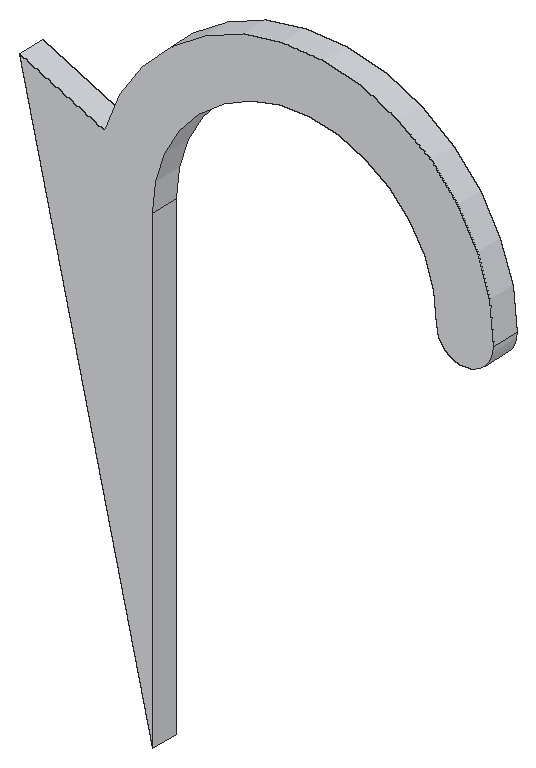
Revit family "CF2B", category Generic Models, Revit 2017
Family settings
  Can host rebar = No
  Round Connector Dimension = Use Diameter
  Part Type = Normal
  Work Plane-Based = Yes
  Always vertical = No
  Cut with Voids When Loaded = No
  Shared = No
  Room Calculation Point = No
Parameters (values of type "NBS Standard Parameters")
  Weight = "0.0172Kg"
  WarrantyStartDate [instance] = "1900-12-31T23:59:59"
  WarrantyGuarantorParts = "n/a"
  WarrantyGuarantorLabor = "n/a"
  WarrantyDurationUnit = "12 months"
  WarrantyDurationParts = "n/a"
  WarrantyDurationLabor = "n/a"
  WarrantyDescription = "n/a"
  Version = "1"
  Uniclass2 = "Pr_65_70_11_20"
  TagNumber [instance] = "n/a"
  SustainabilityPerformance = "n/a"
  Size = "25mm"
  Shape = "Flat"
  SerialNumber [instance] = "n/a"
  Revision = "n/a"
  ReplacementCost = "n/a"
  ProductInformation = "www.metpro.co.uk/pdf/BL2G.pdf"
  NominalWidth = 35 mm
  NominalLength = 64 mm
  NominalHeight = 2.8 mm
  Name = ""
  NBSTypeID = ""
  NBSReference = "90-55-10/460"
  NBSOfficeMasterTag = ""
  NBSNote = ""
  NBSDescription = "Conduit Fittings"
  NBSCertification = ""
  ModelReference = "CF2B"
  ModelNumber = "n/a"
  Material = "Pressed Steel"
  ManufacturerURL = "www.metpro.co.uk"
  ManufacturerName = "Metpro Ltd"
  Keynote = "Compliant to LU Standard 1-085"
  InstallationDate [instance] = "1900-12-31T23:59:59"
  IfcExportType = ""
  IfcExportAs = ""
  Grade = "n/a"
  Finish = "Black"
  Features = "n/a"
  ExpectedLife = "n/a"
  DurationUnit = "year"
  Description = "CF2G/B- 25mm Flat Crampet"
  Default Elevation = 1219.2 mm
  Constituents = "n/a"
  Color = "n/a"
  CodePerformance = "n/a"
  Category = "n/a"
  BarCode [instance] = "n/a"
  BIMObjectName = "Metpro_metprolibrary_Conduitfittings_Metalcomponents_Steelaccessories"
  Author = "Metpro Limited"
  AssetType = ""
  AssetIdentifier [instance] = "n/a"
  AccessibilityPerformance = "n/a"
Reference planes
  plane 1 "Center (Front/Back)": y = 0
  plane 2: z = 0
  plane 3 "Center (Left/Right)": x = 0
Forms (mm)
  Extrusion 1, solid
    sketch origin (-11.449, 10.218, 6.512) x (0, 0, -1) y (1, 0, 0)
      loop
        line (9.542, -7.187) -> (-32.665, -7.187)
        arc (-32.665, -7.187) -> (-45.165, 5.313) -> (-32.665, 17.813) r 12.5
        arc (-32.665, 17.813) -> (-30.165, 20.313) -> (-32.665, 22.813) r 2.5
        arc (-32.665, 22.813) -> (-49.982, 7.838) -> (-37.661, -11.458) r 17.5
        line (-37.661, -11.458) -> (-41.124, -18.884) -> (9.542, -7.187)
    from 0 to 2.5
Dimensions and locks
  aligned and locked: level to plane 2
